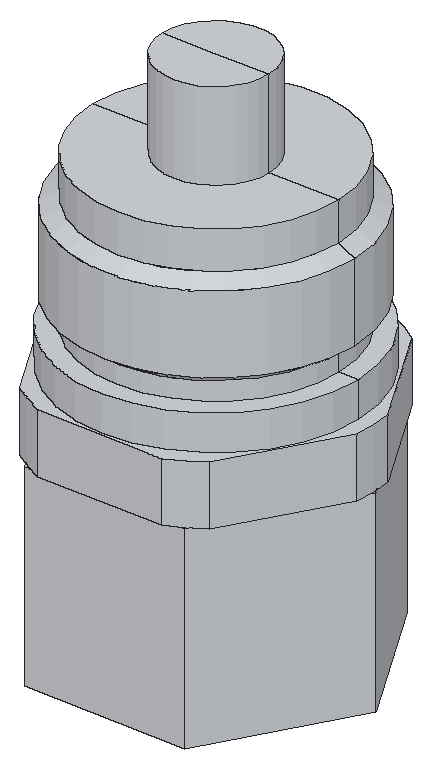
Revit family "PRD_FrankeWS_ShwrFttngsPckg_F5SetForThermalDisinfection_ACXT2001", category Specialty Equipment, Revit 2018
Family settings
  Round Connector Dimension = Use Diameter
  Part Type = Normal
  OmniClass Number = 23.45.05.14.99
  OmniClass Title = Other Sanitary Washing Plumbing Fixtures
  Work Plane-Based = Yes
  Always vertical = No
  Cut with Voids When Loaded = No
  Shared = No
  Room Calculation Point = No
Parameters (values of type "ACXT2001")
  WarrantyStartDate [instance] = "1900-12-31T23:59:59"
  WarrantyGuarantorParts = "n/a"
  WarrantyGuarantorLabor = "n/a"
  WarrantyDurationUnit = "year"
  WarrantyDurationParts = "n/a"
  WarrantyDurationLabor = "n/a"
  WarrantyDescription = "n/a"
  Version = "1"
  Uniclass2015Version = "Products v1.23"
  Uniclass2015Title = "Shower fittings package"
  Uniclass2015Code = "Pr_40_20_87_75"
  URL = "www.kwc.com"
  TypeOfFunctioningPart = "Solenoid valve cartridge"
  TailorMade = "No"
  TagNumber [instance] = "n/a"
  SustainabilityPerformance = "n/a"
  Status = "New"
  Size = "n/a"
  Shape = "n/a"
  SerialNumber [instance] = "n/a"
  Revision = "n/a"
  ReplacementCost = "n/a"
  Reference = "n/a"
  ProtectiveSystemIP = "67"
  ProductInformation = "https://pim.kwc.com/product/2030057940/attachment/datasheet?locale=en"
  ProductCode = "210.0624.187"
  PowerSupplyConnection = "Battery 6 V / power supply 6 V"
  PowerConsumption = "1.4"
  NominalWidth = 0 mm
  NominalLength = 0 mm
  NominalHeight = 0 mm
  NominalDepth = 0 mm
  NetWeight = 0.06 kg
  Name = "F5 Set for thermal disinfection ACXT2001"
  NBSTypeID = "n/a"
  NBSReference = "45-35-70/330"
  NBSOfficeMasterTag = "n/a"
  NBSNote = "n/a"
  NBSDescription = "Shower fittings package"
  NBSCertification = "n/a"
  ModelReference = "ACXT2001"
  ModelNumber = "2030057940"
  Model = ModelReference  # "ACXT2001"
  Material = "n/a"
  ManufacturerURL = "www.kwc.com"
  ManufacturerName = "KWC Group AG"  # constant formula
  Manufacturer = ManufacturerName  # "KWC Group AG"
  IntegralAccessories = "with waterproof plug and grit filter"
  InstallationDate [instance] = "1900-12-31T23:59:59"
  IfcExportType = "USERDEFINED"
  IfcExportAs = "IfcSanitaryTerminalType"
  GrossWeight = 0.07 kg
  Grade = "n/a"
  Finish = "n/a"
  Features = "with waterproof plug and grit filter"
  ExpectedLife = "n/a"
  DurationUnit = "year"
  Description = "Set for thermal disinfection with solenoid valve cartridge DN 5, bistable, with waterproof plug and grit filter, 6 V DC, backflow preventer and spacer."
  Default Elevation = 1219.2 mm
  CreatedOn = "04/2022"  # constant formula
  Constituents = "n/a"
  Color = "n/a"
  CodePerformance = "n/a"
  Category = "Pr_40_20_87_75, Shower fittings package"
  BodyMaterial = none
  BarCode [instance] = "n/a"
  BIMObjectName = "PRD_AR_ShowerFittingsPackage_F5SetForThermalDisinfection_ACXT2001"
  Author = "Archispace"  # constant formula
  AssetType = "Fixed"
  AssetIdentifier [instance] = "n/a"
  AccessibilityPerformance = "n/a"
Reference planes
  plane 1 "Center (Front/Back)": y = 0
  plane 2: z = 0
  plane 3 "Center (Left/Right)": x = 0
Forms (mm)
  Revolve 1, solid, material <- "BodyMaterial", detail levels fine
    sketch origin (0, 0, 0) x (1, 0, 0) y (0, 0, 1)
      loop
        line (0, 20.3) -> (0, 42.3) -> (-4.2, 42.3) -> (-4.2, 35.3) -> (-9.75, 35.3) -> (-9.75, 32.308) -> (-10.997, 31.589) -> (-10.997, 25.425) -> (-9.786, 24.578) -> (-9.786, 23.1) -> (-11.3, 23.1) -> (-11.3, 20.3) -> (0, 20.3)
      axis (0, 42.3) -> (0, 20.3)
    angle from 0 to 360
  Revolve 2, solid, material <- "BodyMaterial", detail levels coarse+medium
    sketch origin (0, 0, 0) x (1, 0, 0) y (0, 0, 1)
      loop
        line (0, 42.3) -> (-12.5, 42.3) -> (-12.5, 0) -> (0, 0) -> (0, 42.3)
      axis (0, 0) -> (0, 42.3)
    angle from 0 to 360
  Extrusion 3, solid, detail levels fine
    sketch origin (0, 0, 0) x (1, 0, 0) y (0, 1, 0)
      loop
        line (-12.698, 0) -> (-6.349, -10.997) -> (6.349, -10.997) -> (12.698, 0) -> (6.349, 10.997) -> (-6.349, 10.997) -> (-12.698, 0)
    from 0 to 15.57
  Extrusion 4, solid, detail levels fine
    sketch origin (0, 0, 0) x (1, 0, 0) y (0, 1, 0)
      loop
        arc (-12.409, 1.507) -> (-12.5, 0) -> (-12.409, -1.507) r 12.5
        line (-12.409, -1.507) -> (-7.51, -9.993)
        arc (-7.51, -9.993) -> (-6.25, -10.825) -> (-4.899, -11.5) r 12.5
        line (-4.899, -11.5) -> (4.899, -11.5)
        arc (4.899, -11.5) -> (6.25, -10.825) -> (7.51, -9.993) r 12.5
        line (7.51, -9.993) -> (12.409, -1.507)
        arc (12.409, -1.507) -> (12.5, 0) -> (12.409, 1.507) r 12.5
        line (12.409, 1.507) -> (7.51, 9.993)
        arc (7.51, 9.993) -> (6.25, 10.825) -> (4.899, 11.5) r 12.5
        line (4.899, 11.5) -> (-4.899, 11.5)
        arc (-4.899, 11.5) -> (-6.25, 10.825) -> (-7.51, 9.993) r 12.5
        line (-7.51, 9.993) -> (-12.409, 1.507)
    from 15.57 to 20.3
Dimensions and locks
  aligned and locked: level to plane 2
